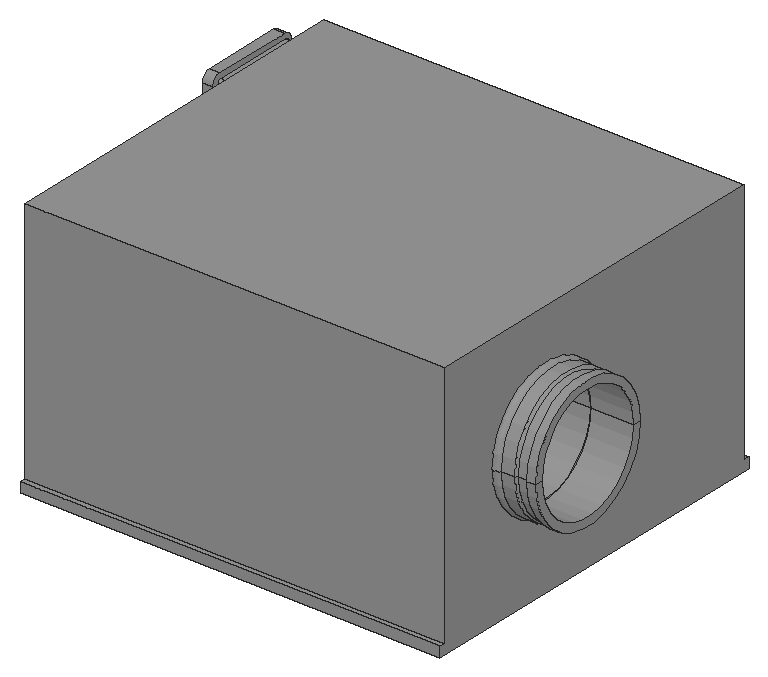
Revit family "IRE 125 A1 AC_7900073", category Mechanical Equipment, Revit 2014
Parameters (values of type "IRE 125 A1 AC")
  Wiring diagram = "4040002"
  Width = 483 mm
  Weight = 9.70 kg
  Voltage range = "220-240 V"
  Voltage = 230 V
  Speed = "1130 rpm"
  Sound pressure level at 3 m = "28 dB(A)"
  Power = 61 W
  Phase = 1
  Max. temperature of transported air when speed controlled = 80 °C
  Max. temperature of transported air = 80 °C
  Main Material = Steel, Galvanized
  Height = 245 mm
  Frequency = 50 Hz
  Elevation [instance] = 2600 mm
  Diameter = 125 mm
  Description = "Insulated duct fans with circular connections"
  Depth = 367 mm
  Current = 0.27 A
  Capacitor = "4 μF"
Reference planes
  plane 1 "Center (Front/Back)": y = 0
  plane 2: z = 0
  plane 3 "Center (Left/Right)": x = 0
  plane 4: z = 2600
Dimensions and locks
  "Elevation": plane 4 to plane 2
  aligned and locked: level to plane 2
  aligned and locked: nested 1 to plane 4
  aligned and locked: plane 3 "Center (Left/Right)" to nested 1
  aligned and locked: plane 1 "Center (Front/Back)" to nested 1
  aligned and locked: nested 1 to nested 2  (x2)
Nested families
  nested 1: "IRE" at (0, 0, 2600), type "IRE"
  nested 2: "Flow direction symbol" at (0, 0, 0), type "Flow direction symbol"
Connectors
  hvac at (-241.5, -59.5, 2735), driven by "Diameter"
    settings: on nested 1, index 1, duct flow 0.0 L/s, flow factor 0, pres drop 0.0 Pa, loss coef 0, conn angle 0.00°, conn width 304.8 mm, conn height 304.8 mm, conn diameter 125 mm, duct sys type 1, conn prof type 0, flow config 0, flow direction 1, loss method 0, conn ref index -1, conn util no, is conn primary yes, conn desc ""
  electrical at (-241.5, 132, 2779.5), driven by "Phase", driven by "Voltage", driven by "Power"
    settings: on nested 1, index 2, voltage 230 V, apparent load 0 VA, apparent load phase1 61 VA, apparent load phase2 0 VA, apparent load phase3 0 VA, power factor 1, load classification "HVAC", number of poles 1, system type 31, power factor state 1, is connector primary yes, connector utility no, sub classification motor no, connector description ""
  hvac at (241.5, -59.5, 2735), driven by "Diameter"
    settings: on nested 1, index 3, duct flow 0.0 L/s, flow factor 0, pres drop 0.0 Pa, loss coef 0, conn angle 0.00°, conn width 304.8 mm, conn height 304.8 mm, conn diameter 125 mm, duct sys type 3, conn prof type 0, flow config 0, flow direction 2, loss method 0, conn ref index -1, conn util no, is conn primary no, conn desc ""
Definition of nested family "IRE"
  Parameters (values of type "IRE")
    Width = 483 mm
    Main Material = Steel, Galvanized
    Height = 245 mm
    Description = ""
    Depth = 367 mm
  Reference planes
    plane 1 "Center (Front/Back)": y = 0
    plane 2: z = 0
    plane 3 "Center (Left/Right)": x = 0
    plane 4: z = 245
    plane 5 "Horizontal Pipe Axis": z = 135
    plane 6: z = 10
    plane 7: z = 235
    plane 8: x = -200
    plane 9: x = 200
    plane 10: x = -241.5
    plane 11: x = 241.5
    plane 12: y = 183.5
    plane 13: y = -183.5
    plane 14 "Vertical Pipe Axis": y = -59.5
    plane 15: x = -231.5
  Forms (mm)
    Extrusion 1, solid, material "Steel, Galvanized" <- "Main Material", detail levels medium+fine
      sketch origin (0, 0, 0) x (0, 1, 0) y (0, 0, 1)
        loop
          line (-183.5, 0) -> (183.5, 0) -> (183.5, 10) -> (178.5, 10) -> (178.5, 11) -> (178.5, 245) -> (-178.5, 245) -> (-178.5, 10) -> (-183.5, 10) -> (-183.5, 0)
      from -200 to 200
    Extrusion 2, void
      sketch origin (0, 0, 0) x (0, 1, 0) y (0, 0, 1)
        loop
          circle (-59.5, 135) r 55
      from -809.837 to 500.936
    Extrusion 3, solid, material "Steel, Galvanized" <- "Main Material", detail levels coarse
      sketch origin (0, 0, 0) x (0, 1, 0) y (0, 0, 1)
        loop
          circle (-59.5, 135) r 62.5
      from 200 to 241.5
    Extrusion 4, solid, material "Steel, Galvanized" <- "Main Material", detail levels coarse
      sketch origin (0, 0, 0) x (0, 1, 0) y (0, 0, -1)
        loop
          circle (-59.5, -135) r 62.5
      from 200 to 241.5
    Revolve 5, solid, material "Steel, Galvanized" <- "Main Material", detail levels medium+fine
      sketch origin (0, 0, 135) x (-1, 0, 0) y (0, -1, 0)
        loop
          line (241.5, 59.5) -> (200, 59.5) -> (200, -3.625)
          arc (200, -3.625) -> (204.25, -5.625) -> (208.5, -3.625) r 5.516
          line (208.5, -3.625) -> (220.875, -3.625) -> (223.5, -1) -> (233.5, -1) -> (233.5, -3) -> (241.5, -3) -> (241.5, 59.5)
        axis (200, 59.5) -> (241.5, 59.5)
      angle from 0 to 360
    Revolve 6, solid, material "Steel, Galvanized" <- "Main Material", detail levels medium+fine
      sketch origin (0, 0, 135) x (-1, 0, 0) y (0, -1, 0)
        loop
          line (-241.5, 59.5) -> (-241.5, -3) -> (-233.5, -3) -> (-233.5, -1) -> (-223.5, -1) -> (-221.5, -3) -> (-208.5, -3)
          arc (-208.5, -3) -> (-204.25, -5) -> (-200, -3) r 5.516
          line (-200, -3) -> (-200, 59.5) -> (-241.5, 59.5)
        axis (-200, 59.5) -> (-241.5, 59.5)
      angle from 0 to 360
    Extrusion 7, solid, material "Steel, Galvanized" <- "Main Material", detail levels coarse
      sketch origin (0, 0, 0) x (0, 1, 0) y (0, 0, 1)
        loop
          line (183.5, 245) -> (-183.5, 245) -> (-183.5, 0) -> (183.5, 0) -> (183.5, 245)
      from -200 to 200
    Sweep 8, solid, material "Plastic, Opaque White", detail levels medium+fine
      path origin (0, 0, 0) x (1, 0, 0) y (0, 1, 0)
        loop
          line (-231.5, 173.5) -> (-241.5, 173.5)
      profile origin (-236.5, 173.5, 0) x (0, -1, 0) y (0, 0, 1)
        loop
          arc (3.073, 226) -> (-2.635, 223.635) -> (-5, 217.927) r 8.073
          line (-5, 217.927) -> (-5, 141.073)
          arc (-5, 141.073) -> (-2.635, 135.365) -> (3.073, 133) r 8.073
          line (3.073, 133) -> (79.927, 133)
          arc (79.927, 133) -> (85.635, 135.365) -> (88, 141.073) r 8.073
          line (88, 141.073) -> (88, 217.927)
          arc (88, 217.927) -> (85.635, 223.635) -> (79.927, 226) r 8.073
          line (79.927, 226) -> (3.073, 226)
    Sweep 9, solid, material "Plastic, Opaque White", detail levels medium+fine
      path origin (0, 0, 0) x (1, 0, 0) y (0, 1, 0)
        loop
          line (-231.5, 132) -> (-200, 132)
      profile origin (-215.75, 132, 0) x (0, 1, 0) y (0, 0, 1)
        loop
          line (38.427, 221) -> (-38.427, 221)
          arc (-38.427, 221) -> (-40.6, 220.1) -> (-41.5, 217.927) r 3.073
          line (-41.5, 217.927) -> (-41.5, 141.073)
          arc (-41.5, 141.073) -> (-40.6, 138.9) -> (-38.427, 138) r 3.073
          line (-38.427, 138) -> (38.427, 138)
          arc (38.427, 138) -> (40.6, 138.9) -> (41.5, 141.073) r 3.073
          line (41.5, 141.073) -> (41.5, 217.927)
          arc (41.5, 217.927) -> (40.6, 220.1) -> (38.427, 221) r 3.073
  Cuts and joins
    Extrusion 2 cuts Extrusion 1
    joined: Sweep 8, Sweep 9
    Extrusion 2 cuts Revolve 6
    Extrusion 2 cuts Revolve 5
  Dimensions and locks
    equal spacing: plane 10, plane 3 "Center (Left/Right)", plane 11
    "Width": plane 10 to plane 11
    plane 4 to plane 5 "Horizontal Pipe Axis" = 110 mm
    "Height": plane 4 to level
    locked: plane 4 to plane 7 at 10
    locked: plane 10 to plane 15 at 10
    locked: plane 10 to plane 8 at 41.5
    locked: plane 9 to plane 11 at 41.5
    "Depth": plane 13 to plane 12
    locked: plane 14 "Vertical Pipe Axis" to Revolve 5 sketch curve at 62.5
    locked: plane 14 "Vertical Pipe Axis" to Revolve 5 sketch curve at 60.5
    locked: plane 14 "Vertical Pipe Axis" to Revolve 5 sketch curve at 63.125
    locked: Revolve 6 sketch curve to plane 14 "Vertical Pipe Axis" at 60.5
    locked: Revolve 6 sketch curve to plane 14 "Vertical Pipe Axis" at 62.5  (x2)
    locked: plane 14 "Vertical Pipe Axis" to Revolve 6 sketch curve at 62.5
    equal spacing: plane 13, plane 1 "Center (Front/Back)", plane 12
    aligned and locked: level to plane 2
    aligned and locked: Extrusion 1 sketch curve to plane 13
    aligned and locked: plane 2 to Extrusion 1 sketch curve
    aligned and locked: Extrusion 1 sketch curve to plane 12
    aligned and locked: Extrusion 1 to plane 9
    aligned and locked: Extrusion 1 to plane 8
    aligned and locked: Extrusion 3 to plane 11
    aligned and locked: plane 9 to Extrusion 3
    aligned and locked: Extrusion 4 to plane 10
    aligned and locked: plane 8 to Extrusion 4
    aligned and locked: Extrusion 4 to plane 8
    aligned and locked: plane 9 to Revolve 6
    aligned and locked: plane 4 to Extrusion 7 sketch curve
    aligned and locked: plane 12 to Extrusion 7 sketch curve
    aligned and locked: Extrusion 7 sketch curve to cut or joined group of Extrusion 1, Extrusion 2  (x2)
    aligned and locked: Extrusion 7 to plane 8
    aligned and locked: Extrusion 7 to plane 9
    aligned and locked: plane 10 to Sweep 8 sketch curve
    aligned and locked: plane 15 to Sweep 8 sketch curve
    aligned and locked: plane 8 to Sweep 9 sketch curve
    aligned and locked: plane 15 to Sweep 9 sketch curve
    aligned and locked: Revolve 5 sketch curve to plane 14 "Vertical Pipe Axis"  (x2)
    aligned and locked: plane 14 "Vertical Pipe Axis" to Revolve 6 sketch curve  (x2)
  Automatic sketch dimensions
    Extrusion 1 sketch curve to plane 4 = 0 mm
    Extrusion 1 sketch curve to plane 6 = 0 mm  (x2)
    Extrusion 1 sketch curve to plane 13 = 5 mm
    Extrusion 1 sketch curve to plane 12 = 5 mm
    plane 6 to Extrusion 1 sketch curve = 1 mm
    Extrusion 3 sketch curve to plane 5 "Horizontal Pipe Axis" = 0 mm
    Extrusion 3 sketch curve to plane 14 "Vertical Pipe Axis" = 0 mm
    Extrusion 4 sketch curve to plane 5 "Horizontal Pipe Axis" = 0 mm
    Extrusion 4 sketch curve to plane 14 "Vertical Pipe Axis" = 0 mm
    Sweep 8 sketch curve to profile plane = 3.073 mm
    Sweep 8 sketch curve to Sweep 8 sketch curve = 8.073 mm  (x2)
    Sweep 8 sketch curve to Sweep 8 sketch curve = 76.854 mm  (x2)
    Sweep 8 sketch curve to Sweep 8 sketch curve = 0 mm
    Sweep 9 sketch curve to profile plane = 38.427 mm
    level to Sweep 9 sketch curve = 217.927 mm
    profile plane to Sweep 9 sketch curve = 38.427 mm
    Sweep 9 sketch curve to Sweep 9 sketch curve = 3.073 mm  (x4)
    Sweep 9 sketch curve to Sweep 9 sketch curve = 76.854 mm
    Sweep 8 sketch curve to plane 12 = 10 mm
    profile plane to Sweep 8 sketch curve = 5 mm
    Sweep 9 sketch curve to plane 12 = 51.5 mm
    Extrusion 2 sketch curve to plane 5 "Horizontal Pipe Axis" = 0 mm
    Extrusion 2 sketch curve to plane 14 "Vertical Pipe Axis" = 0 mm
    Revolve 5 sketch curve to plane 8 = 0 mm  (x2)
    Revolve 5 sketch curve to plane 10 = 0 mm
    Revolve 5 sketch curve to plane 8 = 4.25 mm
    Revolve 5 sketch curve to Revolve 5 sketch curve = 4.25 mm
    Revolve 5 sketch curve to plane 15 = 2 mm
    Revolve 5 sketch curve to Revolve 5 sketch curve = 0.89 mm
    Revolve 5 sketch curve to Revolve 5 sketch curve = 93.5 mm
    plane 15 to Revolve 5 sketch curve = 10.625 mm
    Revolve 5 sketch curve to Revolve 5 sketch curve = 2.625 mm
    Revolve 6 sketch curve to plane 11 = 0 mm
    Revolve 6 sketch curve to plane 9 = 0 mm  (x2)
    plane 11 to Revolve 6 sketch curve = 8 mm
    Revolve 6 sketch curve to plane 9 = 4.25 mm
    Revolve 6 sketch curve to Revolve 6 sketch curve = 3.515 mm
    Revolve 6 sketch curve to Revolve 6 sketch curve = 93.5 mm
    Revolve 6 sketch curve to Revolve 6 sketch curve = 10 mm
    Revolve 6 sketch curve to Revolve 6 sketch curve = 2 mm
    level to Sweep 8 sketch curve = 133 mm
    radius of Extrusion 3 sketch curve = 62.5 mm
    radius of Extrusion 4 sketch curve = 62.5 mm
    radius of Extrusion 2 sketch curve = 55 mm
Definition of nested family "Flow direction symbol"
  Parameters (values of type "Flow direction symbol")
    Warning = "!"
    Text = "DIMENSIONS OVERCONSTRAINT"
  Reference planes
    plane 1: y = 0
    plane 2: x = 0
  Lines and regions (mm)
    detail lines
      curve 1: line (-0.506, 0.877, 0) -> (-0.506, -0.877, 0)
      curve 2: line (1.012, 0, 0) -> (-0.506, -0.877, 0)
      curve 3: line (-0.506, 0.877, 0) -> (1.012, 0, 0)
      curve 4: circle (0, 0, 0) r 1 normal (0, 0, 1)
